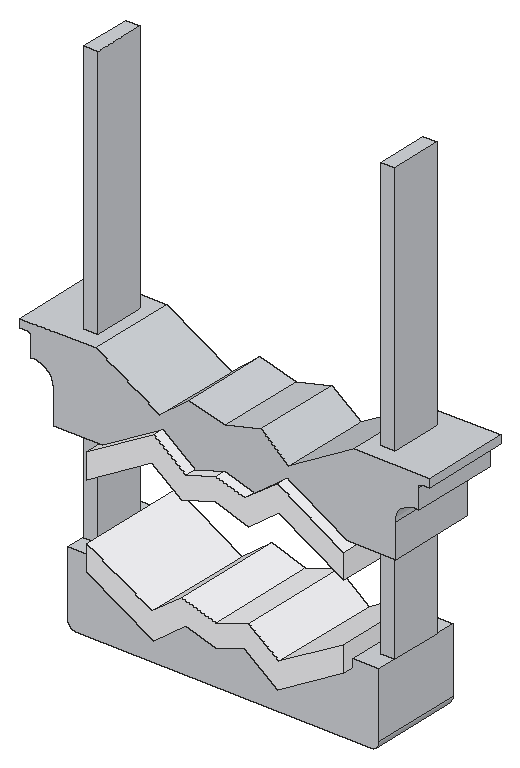
Revit family "550-2111Q", category Pipe Accessories, Revit 2017
Family settings
  Round Connector Dimension = Use Diameter
  Part Type = Normal
  Work Plane-Based = No
  Always vertical = Yes
  Cut with Voids When Loaded = No
  Shared = No
Parameters
  URL = "WWW.SIOUXCHIEF.COM"
  Spread Distance [instance] = 1.000"
  Model = "550-2111Q"
  Manufacturer = "SIOUX CHIEF MANUFACTURING, INC."
  Description = "TD+ UNIVERSAL CLAMPS"
Reference planes (in)
  plane 1 "Center (Front/Back)": y = 0
  plane 2: z = 0
  plane 3 "Center (Left/Right)": x = 0
  plane 4: z = 0.5999
  plane 5: z = 1.5999
Forms (in)
  Extrusion 1, solid
    sketch origin (0, 0, 0) x (1, 0, 0) y (0, 1, 0)
      loop
        line (-1.4375, 0.24262) -> (-1.4375, -0.24262) -> (-1.3125, -0.24262) -> (-1.3125, 0.24262) -> (-1.4375, 0.24262)
    from 0.679 to 4.75
  Extrusion 2, solid
    sketch origin (0, 0, 0) x (-1, 0, 0) y (0, -1, 0)
      loop
        line (-1.4375, -0.24262) -> (-1.3125, -0.24262) -> (-1.3125, 0.24262) -> (-1.4375, 0.24262) -> (-1.4375, -0.24262)
    from 0.679 to 4.75
  Extrusion 3, solid
    sketch origin (0, 0.39993, 0) x (1, 0, 0) y (0, 0, 1)
      loop
        arc (1.365, 0) -> (1.4162, 0.0212) -> (1.4374, 0.0724) r 0.0724
        line (1.4374, 0.0724) -> (1.4374, 0.679) -> (1.1346, 0.679) -> (0.6041, 0.3762) -> (0.3361, 0.5915) -> (0, 0.50643) -> (-0.3361, 0.5915) -> (-0.6041, 0.3762) -> (-1.1346, 0.679) -> (-1.4374, 0.679) -> (-1.4374, 0.0724)
        arc (-1.4374, 0.0724) -> (-1.4162, 0.0212) -> (-1.365, 0) r 0.0724
        line (-1.365, 0) -> (1.365, 0)
    from -0.02514 to 0.825
  Extrusion 4, solid
    sketch origin (0, 0.25, 0.40129) x (1, 0, 0) y (0, 0, 1)
      loop
        line (-0.00363, 1.28449) -> (0.2179, 1.22889) -> (0.3651, 1.22889) -> (0.5873, 1.41219) -> (0.9151, 1.22889) -> (1.5817, 1.22889) -> (1.5817, 1.54282)
        arc (1.5817, 1.54282) -> (1.64704, 1.67873) -> (1.794, 1.71259) r 0.17403
        line (1.794, 1.71259) -> (1.794, 1.90206)
        arc (1.794, 1.90206) -> (1.80256, 1.92273) -> (1.82323, 1.93129) r 0.02923
        line (1.82323, 1.93129) -> (1.894, 1.93129) -> (1.894, 2.00699) -> (1.1924, 2.00699) -> (0.5952, 1.65979) -> (0.3319, 1.87079) -> (0, 1.78749) -> (-0.3319, 1.87079) -> (-0.5952, 1.65979) -> (-1.1924, 2.00699) -> (-1.894, 2.00699) -> (-1.894, 1.93129) -> (-1.82323, 1.93129)
        arc (-1.82323, 1.93129) -> (-1.80256, 1.92273) -> (-1.794, 1.90206) r 0.02923
        line (-1.794, 1.90206) -> (-1.794, 1.71259)
        arc (-1.794, 1.71259) -> (-1.64704, 1.67873) -> (-1.5817, 1.54282) r 0.17403
        line (-1.5817, 1.54282) -> (-1.5817, 1.22889) -> (-0.9151, 1.22889) -> (-0.5873, 1.41219) -> (-0.3651, 1.22889) -> (-0.2179, 1.22889) -> (0, 1.28357)
    from -0.1625 to 0.6625
  Extrusion 5, solid, not visible
    sketch origin (0, 0.25, 0) x (1, 0, 0) y (0, 0, 1)
      loop
        line (-0.00363, 1.28449) -> (0.2179, 1.22889) -> (0.3651, 1.22889) -> (0.5873, 1.41219) -> (0.9151, 1.22889) -> (1.5817, 1.22889) -> (1.5817, 1.54282)
        arc (1.5817, 1.54282) -> (1.64704, 1.67873) -> (1.794, 1.71259) r 0.17403
        line (1.794, 1.71259) -> (1.794, 1.90206)
        arc (1.794, 1.90206) -> (1.80256, 1.92273) -> (1.82323, 1.93129) r 0.02923
        line (1.82323, 1.93129) -> (1.894, 1.93129) -> (1.894, 2.00699) -> (1.1924, 2.00699) -> (0.5952, 1.65979) -> (0.3319, 1.87079) -> (0, 1.78749) -> (-0.3319, 1.87079) -> (-0.5952, 1.65979) -> (-1.1924, 2.00699) -> (-1.894, 2.00699) -> (-1.894, 1.93129) -> (-1.82323, 1.93129)
        arc (-1.82323, 1.93129) -> (-1.80256, 1.92273) -> (-1.794, 1.90206) r 0.02923
        line (-1.794, 1.90206) -> (-1.794, 1.71259)
        arc (-1.794, 1.71259) -> (-1.64704, 1.67873) -> (-1.5817, 1.54282) r 0.17403
        line (-1.5817, 1.54282) -> (-1.5817, 1.22889) -> (-0.9151, 1.22889) -> (-0.5873, 1.41219) -> (-0.3651, 1.22889) -> (-0.2179, 1.22889) -> (0, 1.28357)
    from -0.1625 to 0.6625
  Extrusion 6, solid, not visible
    sketch origin (0, 0, 0) x (1, 0, 0) y (0, 1, 0)
      loop
        line (-1.4375, 0.24262) -> (-1.4375, -0.24262) -> (-1.3125, -0.24262) -> (-1.3125, 0.24262) -> (-1.4375, 0.24262)
    from 0.679 to 4.75
  Extrusion 7, solid, not visible
    sketch origin (0, 0, 0) x (-1, 0, 0) y (0, -1, 0)
      loop
        line (-1.4375, -0.24262) -> (-1.3125, -0.24262) -> (-1.3125, 0.24262) -> (-1.4375, 0.24262) -> (-1.4375, -0.24262)
    from 0.679 to 4.75
  Extrusion 8, solid, not visible
    sketch origin (0, 0.39993, 0) x (1, 0, 0) y (0, 0, 1)
      loop
        arc (1.365, 0) -> (1.4162, 0.0212) -> (1.4374, 0.0724) r 0.0724
        line (1.4374, 0.0724) -> (1.4374, 0.679) -> (1.1346, 0.679) -> (0.6041, 0.3762) -> (0.3361, 0.5915) -> (0, 0.50643) -> (-0.3361, 0.5915) -> (-0.6041, 0.3762) -> (-1.1346, 0.679) -> (-1.4374, 0.679) -> (-1.4374, 0.0724)
        arc (-1.4374, 0.0724) -> (-1.4162, 0.0212) -> (-1.365, 0) r 0.0724
        line (-1.365, 0) -> (1.365, 0)
    from -0.02514 to 0.825
  Extrusion 9, solid, material "Poche"
    sketch origin (0, 0, 0) x (1, 0, 0) y (0, 0, 1)
      loop
        line (-1.1875, 0.60181) -> (-0.57489, 0.24535) -> (-0.27316, 0.47445) -> (0, 0.39071) -> (0.27316, 0.47445) -> (0.57489, 0.24535) -> (1.1875, 0.60181) -> (1.1875, 0.8332) -> (0.5896, 0.4853) -> (0.3125, 0.6957) -> (0, 0.5999) -> (-0.3125, 0.6957) -> (-0.5896, 0.4853) -> (-1.1875, 0.8332) -> (-1.1875, 0.60181)
    from -0.51786 to 0.51786
  Extrusion 10, solid, material "Poche"
    sketch origin (0, 0, 2.1998) x (1, 0, 0) y (0, 0, 1)
      loop
        line (-1.1875, -0.60181) -> (-1.1875, -0.8332) -> (-0.5896, -0.4853) -> (-0.3125, -0.6957) -> (0, -0.5999) -> (0.3125, -0.6957) -> (0.5896, -0.4853) -> (1.1875, -0.8332) -> (1.1875, -0.60181) -> (0.57489, -0.24535) -> (0.27316, -0.47445) -> (0, -0.39071) -> (-0.27316, -0.47445) -> (-0.57489, -0.24535) -> (-1.1875, -0.60181)
    from -0.51786 to 0.51786
  Extrusion 11, solid, not visible
    sketch origin (0, 0.25, 0.45011) x (1, 0, 0) y (0, 0, 1)
      loop
        line (-0.00363, 1.28449) -> (0.2179, 1.22889) -> (0.3651, 1.22889) -> (0.5873, 1.41219) -> (0.9151, 1.22889) -> (1.5817, 1.22889) -> (1.5817, 1.54282)
        arc (1.5817, 1.54282) -> (1.64704, 1.67873) -> (1.794, 1.71259) r 0.17403
        line (1.794, 1.71259) -> (1.794, 1.90206)
        arc (1.794, 1.90206) -> (1.80256, 1.92273) -> (1.82323, 1.93129) r 0.02923
        line (1.82323, 1.93129) -> (1.894, 1.93129) -> (1.894, 2.00699) -> (1.1924, 2.00699) -> (0.5952, 1.65979) -> (0.3319, 1.87079) -> (0, 1.78749) -> (-0.3319, 1.87079) -> (-0.5952, 1.65979) -> (-1.1924, 2.00699) -> (-1.894, 2.00699) -> (-1.894, 1.93129) -> (-1.82323, 1.93129)
        arc (-1.82323, 1.93129) -> (-1.80256, 1.92273) -> (-1.794, 1.90206) r 0.02923
        line (-1.794, 1.90206) -> (-1.794, 1.71259)
        arc (-1.794, 1.71259) -> (-1.64704, 1.67873) -> (-1.5817, 1.54282) r 0.17403
        line (-1.5817, 1.54282) -> (-1.5817, 1.22889) -> (-0.9151, 1.22889) -> (-0.5873, 1.41219) -> (-0.3651, 1.22889) -> (-0.2179, 1.22889) -> (0, 1.28357)
    from -0.1625 to 0.6625
  Extrusion 12, solid, material "Poche", not visible
    sketch origin (0, 0, 2.24863) x (1, 0, 0) y (0, 0, 1)
      loop
        line (-1.1875, -0.60181) -> (-1.1875, -0.8332) -> (-0.5896, -0.4853) -> (-0.3125, -0.6957) -> (0, -0.5999) -> (0.3125, -0.6957) -> (0.5896, -0.4853) -> (1.1875, -0.8332) -> (1.1875, -0.60181) -> (0.57489, -0.24535) -> (0.27316, -0.47445) -> (0, -0.39071) -> (-0.27316, -0.47445) -> (-0.57489, -0.24535) -> (-1.1875, -0.60181)
    from -0.51786 to 0.51786
  Extrusion 13, solid, not visible
    sketch origin (0, 0, 0) x (1, 0, 0) y (0, 1, 0)
      loop
        line (-1.4375, 0.24262) -> (-1.4375, -0.24262) -> (-1.3125, -0.24262) -> (-1.3125, 0.24262) -> (-1.4375, 0.24262)
    from 0.679 to 4.75
  Extrusion 14, solid, not visible
    sketch origin (0, 0, 0) x (-1, 0, 0) y (0, -1, 0)
      loop
        line (-1.4375, -0.24262) -> (-1.3125, -0.24262) -> (-1.3125, 0.24262) -> (-1.4375, 0.24262) -> (-1.4375, -0.24262)
    from 0.679 to 4.75
  Extrusion 15, solid, not visible
    sketch origin (0, 0.39993, 0) x (1, 0, 0) y (0, 0, 1)
      loop
        arc (1.365, 0) -> (1.4162, 0.0212) -> (1.4374, 0.0724) r 0.0724
        line (1.4374, 0.0724) -> (1.4374, 0.679) -> (1.1346, 0.679) -> (0.6041, 0.3762) -> (0.3361, 0.5915) -> (0, 0.50643) -> (-0.3361, 0.5915) -> (-0.6041, 0.3762) -> (-1.1346, 0.679) -> (-1.4374, 0.679) -> (-1.4374, 0.0724)
        arc (-1.4374, 0.0724) -> (-1.4162, 0.0212) -> (-1.365, 0) r 0.0724
        line (-1.365, 0) -> (1.365, 0)
    from -0.02514 to 0.825
  Extrusion 16, solid, material "Poche", not visible
    sketch origin (0, 0, 0) x (1, 0, 0) y (0, 0, 1)
      loop
        line (-1.1875, 0.60181) -> (-0.57489, 0.24535) -> (-0.27316, 0.47445) -> (0, 0.39071) -> (0.27316, 0.47445) -> (0.57489, 0.24535) -> (1.1875, 0.60181) -> (1.1875, 0.8332) -> (0.5896, 0.4853) -> (0.3125, 0.6957) -> (0, 0.5999) -> (-0.3125, 0.6957) -> (-0.5896, 0.4853) -> (-1.1875, 0.8332) -> (-1.1875, 0.60181)
    from -0.51786 to 0.51786
Dimensions and locks (in)
  locked: Extrusion 1 sketch curve to Extrusion 1 sketch curve at 0.48523
  locked: Extrusion 1 sketch curve to Extrusion 1 sketch curve at 0.125
  Extrusion 2 sketch curve to Extrusion 2 sketch curve = 0.48523"
  locked: Extrusion 2 sketch curve to Extrusion 2 sketch curve at 0.48523
  locked: Extrusion 2 sketch curve to Extrusion 2 sketch curve at 0.125
  equal spacing: Extrusion 3, plane 1 "Center (Front/Back)", Extrusion 3
  locked: Extrusion 1 to level at 4.75
  locked: Extrusion 2 to level at 4.75
  locked: Extrusion 4 to Extrusion 4 at 0.825
  equal spacing: Extrusion 4, plane 1 "Center (Front/Back)", Extrusion 4
  locked: Extrusion 6 sketch curve to Extrusion 6 sketch curve at 0.48523
  locked: Extrusion 6 sketch curve to Extrusion 6 sketch curve at 0.125
  Extrusion 7 sketch curve to Extrusion 7 sketch curve = 0.48523"
  locked: Extrusion 7 sketch curve to Extrusion 7 sketch curve at 0.48523
  locked: Extrusion 7 sketch curve to Extrusion 7 sketch curve at 0.125
  equal spacing: Extrusion 9, plane 1 "Center (Front/Back)", Extrusion 9
  Extrusion 9 to Extrusion 9 = 1.03573"
  locked: Extrusion 9 to Extrusion 9 at 1.03573
  Extrusion 10 to Extrusion 10 = 1.03573"
  locked: Extrusion 10 to Extrusion 10 at 1.03573
  locked: Extrusion 13 sketch curve to Extrusion 13 sketch curve at 0.48523
  locked: Extrusion 13 sketch curve to Extrusion 13 sketch curve at 0.125
  Extrusion 14 sketch curve to Extrusion 14 sketch curve = 0.48523"
  locked: Extrusion 14 sketch curve to Extrusion 14 sketch curve at 0.48523
  locked: Extrusion 14 sketch curve to Extrusion 14 sketch curve at 0.125
  locked: plane 4 to level at 0.5999
  "Spread Distance": plane 5 to plane 4
  aligned and locked: plane 2 to level
  aligned and locked: Extrusion 1 to Extrusion 3
  aligned and locked: Extrusion 2 to Extrusion 3
  aligned and locked: Extrusion 3 to level
  aligned and locked: plane 4 to Extrusion 9
  aligned and locked: plane 5 to Extrusion 10
Automatic sketch dimensions
  Extrusion 3 sketch curve to Extrusion 3 sketch curve = 0.268"  (x2)
  Extrusion 3 sketch curve to Extrusion 3 sketch curve = 0.5305"  (x2)
  Extrusion 3 sketch curve to Extrusion 3 sketch curve = 0.2304"  (x2)
  Extrusion 3 sketch curve to Extrusion 3 sketch curve = 0.2153"  (x2)
  Extrusion 3 sketch curve to Extrusion 3 sketch curve = 0.3028"  (x2)
  Extrusion 4 sketch curve to Extrusion 4 sketch curve = 0.1472"  (x2)
  Extrusion 4 sketch curve to Extrusion 4 sketch curve = 0.2222"  (x2)
  Extrusion 4 sketch curve to Extrusion 4 sketch curve = 0.0079"  (x2)
  Extrusion 4 sketch curve to Extrusion 4 sketch curve = 0.3278"  (x2)
  Extrusion 4 sketch curve to Extrusion 4 sketch curve = 0.5972"  (x2)
  Extrusion 4 sketch curve to Extrusion 4 sketch curve = 0.6666"  (x2)
  Extrusion 4 sketch curve to Extrusion 4 sketch curve = 0.17403"  (x2)
  Extrusion 4 sketch curve to Extrusion 4 sketch curve = 0.03827"  (x2)
  Extrusion 4 sketch curve to Extrusion 4 sketch curve = 0.02923"  (x2)
  Extrusion 4 sketch curve to Extrusion 4 sketch curve = 0.07077"  (x2)
  Extrusion 4 sketch curve to Extrusion 4 sketch curve = 0.000"  (x3)
  Extrusion 4 sketch curve to Extrusion 4 sketch curve = 0.1833"  (x2)
  Extrusion 4 sketch curve to Extrusion 4 sketch curve = 0.31393"  (x2)
  Extrusion 4 sketch curve to Extrusion 4 sketch curve = 0.2476"  (x2)
  Extrusion 4 sketch curve to Extrusion 4 sketch curve = 0.5586"
  Extrusion 4 sketch curve to Extrusion 4 sketch curve = 0.211"  (x2)
  Extrusion 4 sketch curve to Extrusion 4 sketch curve = 0.18947"  (x2)
  Extrusion 4 sketch curve to Extrusion 4 sketch curve = 0.46417"  (x2)
  Extrusion 4 sketch curve to Extrusion 4 sketch curve = 0.05469"
  Extrusion 3 sketch curve to Extrusion 3 sketch curve = 0.0724"  (x2)
  Extrusion 3 sketch curve to Extrusion 3 sketch curve = 0.3361"  (x2)
  Extrusion 3 sketch curve to Extrusion 3 sketch curve = 0.3038"  (x2)
  Extrusion 3 sketch curve to Extrusion 3 sketch curve = 0.08507"
  Extrusion 4 sketch curve to Extrusion 4 sketch curve = 0.2633"  (x2)
  Extrusion 4 sketch curve to Extrusion 4 sketch curve = 0.3319"
  Extrusion 4 sketch curve to Extrusion 4 sketch curve = 0.4358"
  Extrusion 4 sketch curve to Extrusion 4 sketch curve = 0.21427"
  Extrusion 4 sketch curve to Extrusion 4 sketch curve = 0.00363"
  Extrusion 5 sketch curve to Extrusion 5 sketch curve = 0.1472"  (x2)
  Extrusion 5 sketch curve to Extrusion 5 sketch curve = 0.2222"  (x2)
  Extrusion 5 sketch curve to Extrusion 5 sketch curve = 0.0079"  (x2)
  Extrusion 5 sketch curve to Extrusion 5 sketch curve = 0.3278"  (x2)
  Extrusion 5 sketch curve to Extrusion 5 sketch curve = 0.5972"  (x2)
  Extrusion 5 sketch curve to Extrusion 5 sketch curve = 0.6666"  (x2)
  Extrusion 5 sketch curve to Extrusion 5 sketch curve = 0.17403"  (x2)
  Extrusion 5 sketch curve to Extrusion 5 sketch curve = 0.03827"  (x2)
  Extrusion 5 sketch curve to Extrusion 5 sketch curve = 0.02923"  (x2)
  Extrusion 5 sketch curve to Extrusion 5 sketch curve = 0.07077"  (x2)
  Extrusion 5 sketch curve to Extrusion 5 sketch curve = 0.000"  (x3)
  Extrusion 5 sketch curve to Extrusion 5 sketch curve = 0.1833"  (x2)
  Extrusion 5 sketch curve to Extrusion 5 sketch curve = 0.31393"  (x2)
  Extrusion 5 sketch curve to Extrusion 5 sketch curve = 0.2476"  (x2)
  Extrusion 5 sketch curve to Extrusion 5 sketch curve = 0.5586"
  Extrusion 5 sketch curve to Extrusion 5 sketch curve = 0.211"  (x2)
  Extrusion 5 sketch curve to Extrusion 5 sketch curve = 0.18947"  (x2)
  Extrusion 5 sketch curve to Extrusion 5 sketch curve = 0.46417"  (x2)
  Extrusion 5 sketch curve to Extrusion 5 sketch curve = 0.05469"
  Extrusion 5 sketch curve to Extrusion 5 sketch curve = 0.2633"  (x2)
  Extrusion 5 sketch curve to Extrusion 5 sketch curve = 0.3319"
  Extrusion 5 sketch curve to Extrusion 5 sketch curve = 0.4358"
  Extrusion 5 sketch curve to Extrusion 5 sketch curve = 0.21427"
  Extrusion 5 sketch curve to Extrusion 5 sketch curve = 0.00363"
  Extrusion 8 sketch curve to Extrusion 8 sketch curve = 0.268"  (x2)
  Extrusion 8 sketch curve to Extrusion 8 sketch curve = 0.5305"  (x2)
  Extrusion 8 sketch curve to Extrusion 8 sketch curve = 0.2304"  (x2)
  Extrusion 8 sketch curve to Extrusion 8 sketch curve = 0.2153"  (x2)
  Extrusion 8 sketch curve to Extrusion 8 sketch curve = 0.3028"  (x2)
  Extrusion 8 sketch curve to Extrusion 8 sketch curve = 0.0724"  (x2)
  Extrusion 8 sketch curve to Extrusion 8 sketch curve = 0.3361"  (x2)
  Extrusion 8 sketch curve to Extrusion 8 sketch curve = 0.3038"  (x2)
  Extrusion 8 sketch curve to Extrusion 8 sketch curve = 0.08507"
  Extrusion 9 sketch curve to Extrusion 9 sketch curve = 0.03934"  (x2)
  Extrusion 9 sketch curve to Extrusion 9 sketch curve = 0.30173"  (x2)
  Extrusion 9 sketch curve to Extrusion 9 sketch curve = 0.01471"  (x2)
  Extrusion 9 sketch curve to Extrusion 9 sketch curve = 0.5979"  (x2)
  Extrusion 9 sketch curve to Extrusion 9 sketch curve = 0.08374"  (x2)
  Extrusion 9 sketch curve to Extrusion 9 sketch curve = 0.23995"  (x2)
  Extrusion 9 sketch curve to Extrusion 9 sketch curve = 0.20919"
  Extrusion 9 sketch curve to Extrusion 9 sketch curve = 0.22125"  (x2)
  Extrusion 9 sketch curve to Extrusion 9 sketch curve = 0.23139"  (x2)
  Extrusion 10 sketch curve to Extrusion 10 sketch curve = 0.03934"  (x2)
  Extrusion 10 sketch curve to Extrusion 10 sketch curve = 0.30173"  (x2)
  Extrusion 10 sketch curve to Extrusion 10 sketch curve = 0.01471"  (x2)
  Extrusion 10 sketch curve to Extrusion 10 sketch curve = 0.5979"  (x2)
  Extrusion 10 sketch curve to Extrusion 10 sketch curve = 0.000"  (x2)
  Extrusion 10 sketch curve to Extrusion 10 sketch curve = 0.14536"
  Extrusion 10 sketch curve to Extrusion 10 sketch curve = 0.08374"  (x2)
  Extrusion 10 sketch curve to Extrusion 10 sketch curve = 0.23995"  (x2)
  Extrusion 10 sketch curve to Extrusion 10 sketch curve = 0.20919"
  Extrusion 10 sketch curve to Extrusion 10 sketch curve = 0.11651"  (x2)
  Extrusion 10 sketch curve to Extrusion 10 sketch curve = 0.22125"  (x2)
  Extrusion 10 sketch curve to Extrusion 10 sketch curve = 0.23139"  (x2)
  Extrusion 10 sketch curve to Extrusion 10 sketch curve = 0.27316"  (x2)
  Extrusion 11 sketch curve to Extrusion 11 sketch curve = 0.1472"  (x2)
  Extrusion 11 sketch curve to Extrusion 11 sketch curve = 0.2222"  (x2)
  Extrusion 11 sketch curve to Extrusion 11 sketch curve = 0.0079"  (x2)
  Extrusion 11 sketch curve to Extrusion 11 sketch curve = 0.3278"  (x2)
  Extrusion 11 sketch curve to Extrusion 11 sketch curve = 0.5972"  (x2)
  Extrusion 11 sketch curve to Extrusion 11 sketch curve = 0.6666"  (x2)
  Extrusion 11 sketch curve to Extrusion 11 sketch curve = 0.17403"  (x2)
  Extrusion 11 sketch curve to Extrusion 11 sketch curve = 0.03827"  (x2)
  Extrusion 11 sketch curve to Extrusion 11 sketch curve = 0.02923"  (x2)
  Extrusion 11 sketch curve to Extrusion 11 sketch curve = 0.07077"  (x2)
  Extrusion 11 sketch curve to Extrusion 11 sketch curve = 0.000"  (x3)
  Extrusion 11 sketch curve to Extrusion 11 sketch curve = 0.1833"  (x2)
  Extrusion 11 sketch curve to Extrusion 11 sketch curve = 0.31393"  (x2)
  Extrusion 11 sketch curve to Extrusion 11 sketch curve = 0.2476"  (x2)
  Extrusion 11 sketch curve to Extrusion 11 sketch curve = 0.5586"
  Extrusion 11 sketch curve to Extrusion 11 sketch curve = 0.211"  (x2)
  Extrusion 11 sketch curve to Extrusion 11 sketch curve = 0.18947"  (x2)
  Extrusion 11 sketch curve to Extrusion 11 sketch curve = 0.46417"  (x2)
  Extrusion 11 sketch curve to Extrusion 11 sketch curve = 0.05469"
  Extrusion 11 sketch curve to Extrusion 11 sketch curve = 0.2633"  (x2)
  Extrusion 11 sketch curve to Extrusion 11 sketch curve = 0.3319"
  Extrusion 11 sketch curve to Extrusion 11 sketch curve = 0.4358"
  Extrusion 11 sketch curve to Extrusion 11 sketch curve = 0.21427"
  Extrusion 11 sketch curve to Extrusion 11 sketch curve = 0.00363"
  Extrusion 12 sketch curve to Extrusion 12 sketch curve = 0.03934"  (x2)
  Extrusion 12 sketch curve to Extrusion 12 sketch curve = 0.30173"  (x2)
  Extrusion 12 sketch curve to Extrusion 12 sketch curve = 0.01471"  (x2)
  Extrusion 12 sketch curve to Extrusion 12 sketch curve = 0.5979"  (x2)
  Extrusion 12 sketch curve to Extrusion 12 sketch curve = 0.000"  (x2)
  Extrusion 12 sketch curve to Extrusion 12 sketch curve = 0.14536"
  Extrusion 12 sketch curve to Extrusion 12 sketch curve = 0.08374"  (x2)
  Extrusion 12 sketch curve to Extrusion 12 sketch curve = 0.23995"  (x2)
  Extrusion 12 sketch curve to Extrusion 12 sketch curve = 0.20919"
  Extrusion 12 sketch curve to Extrusion 12 sketch curve = 0.11651"  (x2)
  Extrusion 12 sketch curve to Extrusion 12 sketch curve = 0.22125"  (x2)
  Extrusion 12 sketch curve to Extrusion 12 sketch curve = 0.23139"  (x2)
  Extrusion 12 sketch curve to Extrusion 12 sketch curve = 0.27316"  (x2)
  Extrusion 9 sketch curve to Extrusion 9 sketch curve = 0.27316"  (x2)
  Extrusion 9 sketch curve to Extrusion 9 sketch curve = 0.000"  (x2)
  Extrusion 9 sketch curve to Extrusion 9 sketch curve = 0.14536"
  Extrusion 9 sketch curve to Extrusion 9 sketch curve = 0.11651"  (x2)
  Extrusion 15 sketch curve to Extrusion 15 sketch curve = 0.268"  (x2)
  Extrusion 15 sketch curve to Extrusion 15 sketch curve = 0.5305"  (x2)
  Extrusion 15 sketch curve to Extrusion 15 sketch curve = 0.2304"  (x2)
  Extrusion 15 sketch curve to Extrusion 15 sketch curve = 0.2153"  (x2)
  Extrusion 15 sketch curve to Extrusion 15 sketch curve = 0.3028"  (x2)
  Extrusion 15 sketch curve to Extrusion 15 sketch curve = 0.0724"  (x2)
  Extrusion 15 sketch curve to Extrusion 15 sketch curve = 0.3361"  (x2)
  Extrusion 15 sketch curve to Extrusion 15 sketch curve = 0.3038"  (x2)
  Extrusion 15 sketch curve to Extrusion 15 sketch curve = 0.08507"
  Extrusion 16 sketch curve to Extrusion 16 sketch curve = 0.03934"  (x2)
  Extrusion 16 sketch curve to Extrusion 16 sketch curve = 0.30173"  (x2)
  Extrusion 16 sketch curve to Extrusion 16 sketch curve = 0.01471"  (x2)
  Extrusion 16 sketch curve to Extrusion 16 sketch curve = 0.5979"  (x2)
  Extrusion 16 sketch curve to Extrusion 16 sketch curve = 0.08374"  (x2)
  Extrusion 16 sketch curve to Extrusion 16 sketch curve = 0.23995"  (x2)
  Extrusion 16 sketch curve to Extrusion 16 sketch curve = 0.20919"
  Extrusion 16 sketch curve to Extrusion 16 sketch curve = 0.22125"  (x2)
  Extrusion 16 sketch curve to Extrusion 16 sketch curve = 0.23139"  (x2)
  Extrusion 16 sketch curve to Extrusion 16 sketch curve = 0.27316"  (x2)
  Extrusion 16 sketch curve to Extrusion 16 sketch curve = 0.000"  (x2)
  Extrusion 16 sketch curve to Extrusion 16 sketch curve = 0.14536"
  Extrusion 16 sketch curve to Extrusion 16 sketch curve = 0.11651"  (x2)
